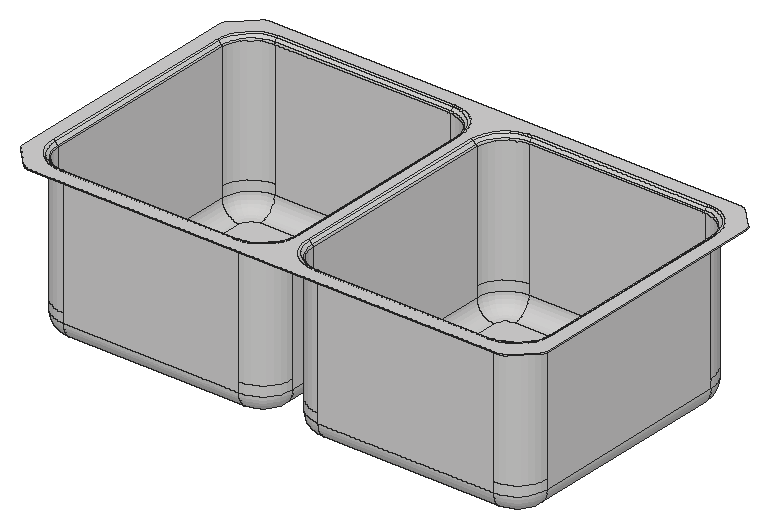
Revit family "Sink-Undermount-Kitchen-KOHLER-Undertone-K-3171_1", category Plumbing Fixtures, host Face, Revit 2017 (continued)
Definition of nested family "K-3171"
  Lines and regions (in)
    symbolic lines, visible <- "Sink_Rack", detail levels medium+fine
      curve 278: line (-13.97639, -8.75, 0) -> (-13.97639, -8.28657, 0)
      curve 279: line (-13.97639, -8.28657, 0) -> (-14.62123, -8.28657, 0)
      curve 280: line (-1.27361, -8.75, 0) -> (-1.27361, -8.28657, 0)
      curve 281: line (-1.27361, -8.28657, 0) -> (-0.62379, -8.28657, 0)
      curve 282: line (-13.97639, -8.66525, 0) -> (-9.8522, -8.66525, 0)
      curve 283: line (-9.8522, -8.66525, 0) -> (-9.8522, -9.36494, 0)
      curve 284: line (-9.8522, -9.36494, 0) -> (-14.05976, -9.36494, 0)
      curve 285: line (-9.67085, -8.5588, 0) -> (-9.67085, -7.95509, 0)
      curve 286: line (-9.67085, -7.95509, 0) -> (-5.60135, -7.95509, 0)
      curve 287: line (-5.60135, -7.95509, 0) -> (-5.60135, -8.5588, 0)
      curve 288: line (-5.60135, -8.5588, 0) -> (-9.67085, -8.5588, 0)
      curve 289: line (-1.27361, -8.66525, 0) -> (-5.3978, -8.66525, 0)
      curve 290: line (-5.3978, -8.66525, 0) -> (-5.3978, -9.36494, 0)
      curve 291: line (-5.3978, -9.36494, 0) -> (-1.20974, -9.36494, 0)
      curve 292: line (-9.67085, -9.36005, 0) -> (-9.67085, -8.6626, 0)
      curve 293: line (-9.67085, -8.6626, 0) -> (-5.60135, -8.6626, 0)
      curve 294: line (-5.60135, -8.6626, 0) -> (-5.60135, -9.36005, 0)
      curve 295: line (-5.60135, -9.36005, 0) -> (-9.67085, -9.36005, 0)
      curve 296: line (-13.97639, -8.55456, 0) -> (-9.85674, -8.55456, 0)
      curve 297: line (-9.85674, -8.55456, 0) -> (-9.85674, -7.95885, 0)
      curve 298: line (-9.85674, -7.95885, 0) -> (-14.16357, -7.95885, 0)
      curve 299: line (-1.27361, -8.55456, 0) -> (-5.39326, -8.55456, 0)
      curve 300: line (-5.39326, -8.55456, 0) -> (-5.39326, -7.95885, 0)
      curve 301: line (-5.39326, -7.95885, 0) -> (-1.10593, -7.95885, 0)
      curve 302: line (-14.16357, -7.84613, 0) -> (-9.85396, -7.84613, 0)
      curve 303: line (-9.85396, -7.84613, 0) -> (-9.85396, -7.23785, 0)
      curve 304: line (-9.85396, -7.23785, 0) -> (-14.16357, -7.23785, 0)
      curve 305: line (-9.67085, -7.84613, 0) -> (-5.59768, -7.84613, 0)
      curve 306: line (-5.59768, -7.84613, 0) -> (-5.59768, -7.23785, 0)
      curve 307: line (-5.59768, -7.23785, 0) -> (-9.67085, -7.23785, 0)
      curve 308: line (-9.67085, -7.84613, 0) -> (-9.67085, -7.23785, 0)
      curve 309: line (-5.39352, -7.84613, 0) -> (-1.10593, -7.84613, 0)
      curve 310: line (-1.10593, -7.23785, 0) -> (-5.39352, -7.23785, 0)
      curve 311: line (-5.39352, -7.84613, 0) -> (-5.39352, -7.23785, 0)
      curve 312: line (-14.16357, -7.12207, 0) -> (-9.85396, -7.12207, 0)
      curve 313: line (-9.85396, -7.12207, 0) -> (-9.85396, -6.51379, 0)
      curve 314: line (-9.85396, -6.51379, 0) -> (-14.16357, -6.51379, 0)
      curve 315: line (-9.67085, -7.12207, 0) -> (-5.59768, -7.12207, 0)
      curve 316: line (-5.59768, -7.12207, 0) -> (-5.59768, -6.51379, 0)
      curve 317: line (-5.59768, -6.51379, 0) -> (-9.67085, -6.51379, 0)
      curve 318: line (-9.67085, -7.12207, 0) -> (-9.67085, -6.51379, 0)
      curve 319: line (-5.39352, -7.12207, 0) -> (-1.10593, -7.12207, 0)
      curve 320: line (-1.10593, -6.51379, 0) -> (-5.39352, -6.51379, 0)
      curve 321: line (-5.39352, -7.12207, 0) -> (-5.39352, -6.51379, 0)
      curve 322: line (-14.16357, -6.37904, 0) -> (-9.85396, -6.37904, 0)
      curve 323: line (-9.85396, -6.37904, 0) -> (-9.85396, -5.77076, 0)
      curve 324: line (-9.85396, -5.77076, 0) -> (-14.16357, -5.77076, 0)
      curve 325: line (-9.67085, -6.37904, 0) -> (-5.59768, -6.37904, 0)
      curve 326: line (-5.59768, -6.37904, 0) -> (-5.59768, -5.77076, 0)
      curve 327: line (-5.59768, -5.77076, 0) -> (-9.67085, -5.77076, 0)
      curve 328: line (-9.67085, -6.37904, 0) -> (-9.67085, -5.77076, 0)
      curve 329: line (-5.39352, -6.37904, 0) -> (-1.10593, -6.37904, 0)
      curve 330: line (-1.10593, -5.77076, 0) -> (-5.39352, -5.77076, 0)
      curve 331: line (-5.39352, -6.37904, 0) -> (-5.39352, -5.77076, 0)
      curve 332: line (-14.16357, -5.66726, 0) -> (-9.85396, -5.66726, 0)
      curve 333: line (-9.85396, -5.66726, 0) -> (-9.85396, -5.05898, 0)
      curve 334: line (-9.85396, -5.05898, 0) -> (-14.16357, -5.05898, 0)
      curve 335: line (-9.67085, -5.66726, 0) -> (-5.59768, -5.66726, 0)
      curve 336: line (-5.59768, -5.66726, 0) -> (-5.59768, -5.05898, 0)
      curve 337: line (-5.59768, -5.05898, 0) -> (-9.67085, -5.05898, 0)
      curve 338: line (-9.67085, -5.66726, 0) -> (-9.67085, -5.05898, 0)
      curve 339: line (-5.39352, -5.66726, 0) -> (-1.10593, -5.66726, 0)
      curve 340: line (-1.10593, -5.05898, 0) -> (-5.39352, -5.05898, 0)
      curve 341: line (-5.39352, -5.66726, 0) -> (-5.39352, -5.05898, 0)
      curve 342: line (-14.16357, -4.92423, 0) -> (-9.85396, -4.92423, 0)
      curve 343: line (-9.85396, -4.92423, 0) -> (-9.85396, -4.31595, 0)
      curve 344: line (-9.85396, -4.31595, 0) -> (-14.16357, -4.31595, 0)
      curve 345: line (-9.67085, -4.92423, 0) -> (-5.59768, -4.92423, 0)
      curve 346: line (-5.59768, -4.92423, 0) -> (-5.59768, -4.31595, 0)
      curve 347: line (-5.59768, -4.31595, 0) -> (-9.67085, -4.31595, 0)
      curve 348: line (-9.67085, -4.92423, 0) -> (-9.67085, -4.31595, 0)
      curve 349: line (-5.39352, -4.92423, 0) -> (-1.10593, -4.92423, 0)
      curve 350: line (-1.10593, -4.31595, 0) -> (-5.39352, -4.31595, 0)
      curve 351: line (-5.39352, -4.92423, 0) -> (-5.39352, -4.31595, 0)
      curve 352: line (-14.16357, -4.21245, 0) -> (-9.85396, -4.21245, 0)
      curve 353: line (-9.85396, -4.21245, 0) -> (-9.85396, -3.60417, 0)
      curve 354: line (-9.85396, -3.60417, 0) -> (-14.16357, -3.60417, 0)
      curve 355: line (-9.67085, -4.21245, 0) -> (-5.59768, -4.21245, 0)
      curve 356: line (-5.59768, -4.21245, 0) -> (-5.59768, -3.60417, 0)
      curve 357: line (-5.59768, -3.60417, 0) -> (-9.67085, -3.60417, 0)
      curve 358: line (-9.67085, -4.21245, 0) -> (-9.67085, -3.60417, 0)
      curve 359: line (-5.39352, -4.21245, 0) -> (-1.10593, -4.21245, 0)
      curve 360: line (-1.10593, -3.60417, 0) -> (-5.39352, -3.60417, 0)
      curve 361: line (-5.39352, -4.21245, 0) -> (-5.39352, -3.60417, 0)
      curve 362: line (-14.16357, -3.5163, 0) -> (-9.85396, -3.5163, 0)
      curve 363: line (-9.85396, -3.5163, 0) -> (-9.85396, -2.90801, 0)
      curve 364: line (-9.85396, -2.90801, 0) -> (-14.16357, -2.90801, 0)
      curve 365: line (-9.67085, -3.5163, 0) -> (-5.59768, -3.5163, 0)
      curve 366: line (-5.59768, -3.5163, 0) -> (-5.59768, -2.90801, 0)
      curve 367: line (-5.59768, -2.90801, 0) -> (-9.67085, -2.90801, 0)
      curve 368: line (-9.67085, -3.5163, 0) -> (-9.67085, -2.90801, 0)
      curve 369: line (-5.39352, -3.5163, 0) -> (-1.10593, -3.5163, 0)
      curve 370: line (-1.10593, -2.90801, 0) -> (-5.39352, -2.90801, 0)
      curve 371: line (-5.39352, -3.5163, 0) -> (-5.39352, -2.90801, 0)
      curve 372: circle (-7.625, 0, 0) r 2.19589 normal (0, 0, 1)
      curve 373: circle (-7.625, 0, 0) r 2 normal (0, 0, 1)
      curve 374: line (-9.24, 1.48785, 0) -> (-9.67085, 1.48785, 0)
      curve 375: line (-9.28795, -1.43405, 0) -> (-9.67085, -1.43405, 0)
      curve 376: line (-5.91055, 1.37207, 0) -> (-5.59768, 1.37207, 0)
      curve 377: line (-6.05724, -1.53755, 0) -> (-5.59768, -1.53755, 0)
      curve 378: line (-6.97066, 2.09613, 0) -> (-5.59768, 2.09613, 0)
      curve 379: line (-8.09117, -2.14583, 0) -> (-9.67085, -2.14583, 0)
      curve 380: line (-13.40851, -10.08266, 0) -> (-9.85249, -10.08266, 0)
      curve 381: line (-9.66517, -10.08096, 0) -> (-5.60239, -10.08096, 0)
      curve 382: line (-5.41528, -10.08534, 0) -> (-1.86612, -10.08534, 0)
      curve 383: line (-9.85249, -9.98078, 0) -> (-13.57392, -9.98078, 0)
      curve 384: line (-9.66517, -9.97931, 0) -> (-5.60239, -9.97931, 0)
      curve 385: line (-5.41528, -9.97997, 0) -> (-1.69445, -9.97997, 0)
      curve 386: line (-1.10593, 2.53657, 0) -> (-1.10593, -8.28657, 0)
      curve 387: line (-0.91843, 2.53657, 0) -> (-0.91843, -8.28657, 0)
      curve 388: line (-14.35107, 2.53657, 0) -> (-14.35107, -8.28657, 0)
      curve 389: line (-14.16357, 2.53657, 0) -> (-14.16357, -8.28657, 0)
      curve 615: line (-9.85249, -9.98078, 0) -> (-9.85249, -9.53262, 0)
      curve 616: line (-9.66517, -10.08096, 0) -> (-9.66517, -10.24406, 0)
      curve 617: line (-5.60239, -9.97931, 0) -> (-5.60239, -9.53213, 0)
      curve 618: line (-5.41528, -10.08534, 0) -> (-5.41528, -10.24406, 0)
    symbolic lines, visible <- "Sink_Rack_Lines", detail levels medium+fine
      curve 531: arc (-13.32054, 3.62637, -8.81801) -> (-13.35881, 3.57571, -8.81801) -> (-13.39135, 3.52119, -8.81801) r 0.58323
      curve 534: line (-9.66517, 3.83323, -8.81801) -> (-9.85249, 3.83323, -8.81801)
      curve 536: line (-5.41528, 3.83323, -8.81801) -> (-5.60239, 3.83323, -8.81801)
      curve 538: arc (-1.85865, 3.52119, -8.81801) -> (-1.89108, 3.57554, -8.81801) -> (-1.9292, 3.62606, -8.81801) r 0.58323
      curve 540: line (-1.79177, 2.80456, -8.81801) -> (-1.79177, 2.91525, -8.81801)
      curve 542: line (-1.79177, 2.09613, -8.81801) -> (-1.79177, 2.20885, -8.81801)
      curve 544: line (-1.79177, 1.37207, -8.81801) -> (-1.79177, 1.48785, -8.81801)
      curve 546: line (-1.79177, 0.62904, -8.81801) -> (-1.79177, 0.76379, -8.81801)
      curve 548: line (-1.79177, -0.08274, -8.81801) -> (-1.79177, 0.02076, -8.81801)
      curve 550: line (-1.79177, -0.82577, -8.81801) -> (-1.79177, -0.69102, -8.81801)
      curve 552: line (-1.79177, -1.53755, -8.81801) -> (-1.79177, -1.43405, -8.81801)
      curve 554: line (-1.79177, -2.2337, -8.81801) -> (-1.79177, -2.14583, -8.81801)
      curve 556: line (-1.79177, -2.90801, -8.81801) -> (-1.79177, -2.84199, -8.81801)
      curve 558: line (-1.79177, -3.60417, -8.81801) -> (-1.79177, -3.5163, -8.81801)
      curve 560: line (-1.79177, -4.31595, -8.81801) -> (-1.79177, -4.21245, -8.81801)
      curve 562: line (-1.79177, -5.05898, -8.81801) -> (-1.79177, -4.92423, -8.81801)
      curve 564: line (-1.79177, -5.77076, -8.81801) -> (-1.79177, -5.66726, -8.81801)
      curve 566: line (-1.79177, -6.51379, -8.81801) -> (-1.79177, -6.37904, -8.81801)
      curve 568: line (-1.79177, -7.23785, -8.81801) -> (-1.79177, -7.12207, -8.81801)
      curve 570: line (-1.79177, -7.95885, -8.81801) -> (-1.79177, -7.84613, -8.81801)
      curve 572: line (-1.79177, -8.66525, -8.81801) -> (-1.79177, -8.55456, -8.81801)
      curve 574: arc (-2.13665, -9.53231, -8.81801) -> (-2.0184, -9.46151, -8.81801) -> (-1.92005, -9.36494, -8.81801) r 0.58323
      curve 576: line (-5.60239, -9.58323, -8.81801) -> (-5.41528, -9.58323, -8.81801)
      curve 578: line (-9.85249, -9.58323, -8.81801) -> (-9.66517, -9.58323, -8.81801)
      curve 580: arc (-13.32995, -9.36494, -8.81801) -> (-13.23131, -9.46174, -8.81801) -> (-13.11266, -9.53262, -8.81801) r 0.58323
      curve 582: line (-13.45823, -8.55456, -8.81801) -> (-13.45823, -8.66525, -8.81801)
      curve 584: line (-13.45823, -7.84613, -8.81801) -> (-13.45823, -7.95885, -8.81801)
      curve 586: line (-13.45823, -7.12207, -8.81801) -> (-13.45823, -7.23785, -8.81801)
      curve 588: line (-13.45823, -6.37904, -8.81801) -> (-13.45823, -6.51379, -8.81801)
      curve 590: line (-13.45823, -5.66726, -8.81801) -> (-13.45823, -5.77076, -8.81801)
      curve 592: line (-13.45823, -4.92423, -8.81801) -> (-13.45823, -5.05898, -8.81801)
      curve 594: line (-13.45823, -4.21245, -8.81801) -> (-13.45823, -4.31595, -8.81801)
      curve 596: line (-13.45823, -3.5163, -8.81801) -> (-13.45823, -3.60417, -8.81801)
      curve 598: line (-13.45823, -2.84199, -8.81801) -> (-13.45823, -2.90801, -8.81801)
      curve 600: line (-13.45823, -2.14583, -8.81801) -> (-13.45823, -2.2337, -8.81801)
      curve 602: line (-13.45823, -1.43405, -8.81801) -> (-13.45823, -1.53755, -8.81801)
      curve 604: line (-13.45823, -0.69102, -8.81801) -> (-13.45823, -0.82577, -8.81801)
      curve 606: line (-13.45823, 0.02076, -8.81801) -> (-13.45823, -0.08274, -8.81801)
      curve 608: line (-13.45823, 0.76379, -8.81801) -> (-13.45823, 0.62904, -8.81801)
      curve 610: line (-13.45823, 1.48785, -8.81801) -> (-13.45823, 1.37207, -8.81801)
      curve 612: line (-13.45823, 2.20885, -8.81801) -> (-13.45823, 2.09613, -8.81801)
      curve 614: line (-13.45823, 2.91525, -8.81801) -> (-13.45823, 2.80456, -8.81801)
  Dimensions and locks (in)
    plane 4 to plane 5 = 31 1/2"
    plane 1 "Center (Front/Back)" to plane 6 = 6 1/8"
    plane 6 to plane 7 = 1 1/8"
    plane 6 to plane 8 = 18"
    plane 9 to plane 8 = 9"
    plane 10 "A" to plane 11 = 15 1/4"
    plane 4 to plane 10 "A" = 8 1/8"
    level to plane 12 "sink Top" = 1"
    level to plane 13 = 9 3/4"
    aligned and locked: plane 2 to level
Types (2): name | Type | Sink Rack | Product Page URL | Product Name | Product Documentation Link | Model
  Without Sink Rack, NA-Stainless | 1 | no | "http://www.us.kohler.com/us/catalog/productDetails.jsp?productId=3171" | "Undertone" | "https://www.us.kohler.com/webassets/kpna/catalog/pdf/en/K-3171_spec_US-CA_Kohler_en.pdf" | "K-3171-NA"
  With Sink Rack, NA-Stainless | 2 | yes | "http://www.us.kohler.com/us/catalog/productDetails.jsp?productId=3171-HCF" | "Undertone Preserve" | "https://www.us.kohler.com/webassets/kpna/catalog/pdf/en/K-3171-HCF_spec_US-CA_Kohler_en.pdf" | "K-3171-HCF-NA"
